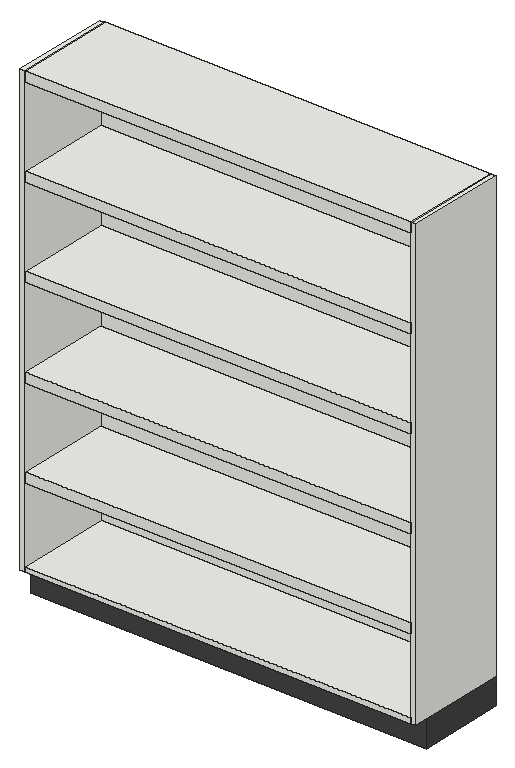
Revit family "Shelf - Book", category Specialty Equipment, Revit 2023
Family settings
  Round Connector Dimension = Use Diameter
  Part Type = Undefined
  Work Plane-Based = No
  Enable Cutting in Views = No
  Always vertical = Yes
  Cut with Voids When Loaded = No
  Maintain Annotation Orientation = No
  Shared = Yes
  Room Calculation Point = No
Parameters (values of type "15" x 72"")
  Default Elevation = 0' - 0"
  Assembly Code = "E1010510"
  Base Material = Finishes - Paint - Black
  Depth = 1' - 3"
  Material = Laminate - Ivory,Matte
  Height = 6' - 0"
  Length [instance] = 5' - 0"
Types (2): name | Assembly Code | Depth | Height | Length
  15" x 72" | "E1010510" | 1' - 3" | 6' - 0" | 5' - 0"
  400 x 1800mm | 0' - 0" | 1' - 3 3/4" | 5' - 10 111/128" | 4' - 11 7/128"
Reference planes (in)
  plane 1 "Center F/B": y = 0
  plane 2: z = 0
  plane 3 "Center L/R": x = 0
  plane 4: y = -15
  plane 5: x = 60
  plane 6: z = 72
  plane 7: z = 4
  plane 8: y = -0.75
  plane 9: y = -14.25
  plane 10: z = 58.4
  plane 11: z = 44.8
  plane 12: z = 31.2
  plane 13: z = 17.6
  plane 14: z = 4
  plane 15: z = 70.5
Forms (in)
  Extrusion 1, solid, material "Finishes - Paint - Black" <- "Base Material"
    sketch origin (0, 0, 0) x (1, 0, 0) y (0, 1, 0)
      loop
        line (0, 0) -> (0, -13) -> (60, -13) -> (60, 0) -> (0, 0)
    from 0 to 4
  Extrusion 2, solid, material "Laminate - Ivory,Matte" <- "Material"
    sketch origin (0, 0, 0) x (1, 0, 0) y (0, 1, 0)
      loop
        line (0, 0) -> (0, -15) -> (0.75, -15) -> (0.75, 0) -> (0, 0)
    from 4 to 72
  Extrusion 3, solid, material "Laminate - Ivory,Matte" <- "Material"
    sketch origin (0, 0, 0) x (1, 0, 0) y (0, 1, 0)
      loop
        line (60, 0) -> (59.25, 0) -> (59.25, -15) -> (60, -15) -> (60, 0)
    from 4 to 72
  Extrusion 4, solid, material "Laminate - Ivory,Matte" <- "Material"
    sketch origin (0, 0, 0) x (0, -1, 0) y (0, 0, 1)
      loop
        line (15, 4.75) -> (0.75, 4.75) -> (0.75, 16.85) -> (14.25, 16.85) -> (14.25, 16.1) -> (15, 16.1) -> (15, 17.6) -> (0.75, 17.6) -> (0.75, 30.45) -> (14.25, 30.45) -> (14.25, 29.7) -> (15, 29.7) -> (15, 31.2) -> (0.75, 31.2) -> (0.75, 44.05) -> (14.25, 44.05) -> (14.25, 43.3) -> (15, 43.3) -> (15, 44.8) -> (0.75, 44.8) -> (0.75, 57.65) -> (14.25, 57.65) -> (14.25, 56.9) -> (15, 56.9) -> (15, 58.4) -> (0.75, 58.4) -> (0.75, 71.25) -> (14.25, 71.25) -> (14.25, 70.5) -> (15, 70.5) -> (15, 72) -> (0, 72) -> (0, 4) -> (15, 4) -> (15, 4.75)
    from -59.25 to -0.75
Lines and regions (in)
  symbolic lines, style "SpecialityEquipment"
    curve 1: line (0, 0, 0) -> (60, 0, 0)
    curve 2: line (0, -15, 0) -> (0, 0, 0)
    curve 3: line (60, -15, 0) -> (0, -15, 0)
    curve 4: line (60, 0, 0) -> (60, -15, 0)
Dimensions and locks (in)
  "Length": plane 3 "Center L/R" to plane 5
  "Depth": plane 4 to plane 1 "Center F/B"
  "Height": plane 2 to plane 6
  locked: Extrusion 1 sketch curve to plane 4 at 2
  locked: plane 3 "Center L/R" to Extrusion 2 sketch curve at 0.75
  locked: Extrusion 3 sketch curve to plane 5 at 0.75
  locked: plane 7 to plane 2 at 4
  locked: plane 6 to Extrusion 4 sketch curve at 0.75
  locked: Extrusion 4 sketch curve to Extrusion 4 sketch curve at 0.75  (x5)
  locked: plane 1 "Center F/B" to plane 8 at 0.75
  locked: plane 9 to plane 4 at 0.75
  locked: Extrusion 4 sketch curve to plane 10 at 0.75
  locked: Extrusion 4 sketch curve to plane 11 at 0.75
  locked: Extrusion 4 sketch curve to plane 12 at 0.75
  locked: Extrusion 4 sketch curve to plane 13 at 0.75
  locked: Extrusion 4 sketch curve to plane 7 at 0.75
  equal spacing: plane 14, plane 13, plane 12, plane 11, plane 10, plane 6
  aligned and locked: plane 4 to curve 3
  aligned and locked: plane 5 to curve 4
  aligned and locked: curve 2 to Extrusion 1 sketch curve
  aligned and locked: Extrusion 1 sketch curve to curve 1
  aligned and locked: Extrusion 1 sketch curve to curve 4
  aligned and locked: Extrusion 2 sketch curve to Extrusion 1
  aligned and locked: Extrusion 2 sketch curve to curve 1
  aligned and locked: curve 3 to Extrusion 2 sketch curve
  aligned and locked: Extrusion 3 sketch curve to curve 4
  aligned and locked: Extrusion 3 sketch curve to curve 1
  aligned and locked: curve 3 to Extrusion 3 sketch curve
  aligned and locked: Extrusion 2 to plane 6  (x2)
  aligned and locked: Extrusion 3 to plane 6
  aligned and locked: plane 7 to Extrusion 1
  aligned and locked: Extrusion 2 to plane 7
  aligned and locked: Extrusion 3 to plane 7
  aligned and locked: plane 8 to Extrusion 4 sketch curve  (x5)
  aligned and locked: Extrusion 4 sketch curve to plane 9  (x5)
  aligned and locked: Extrusion 1 to plane 2
  aligned and locked: level to plane 2
  aligned and locked: Extrusion 4 to Extrusion 3
  aligned and locked: plane 14 to plane 7
Automatic sketch dimensions
  curve 3 to plane 3 "Center L/R" = 0' - 0"
  curve 4 to plane 1 "Center F/B" = 0' - 0"
  Extrusion 4 sketch curve to plane 1 "Center F/B" = 0' - 0"
  Extrusion 4 sketch curve to plane 4 = 0' - 0"  (x6)
  Extrusion 4 sketch curve to plane 7 = 0' - 0"
  Extrusion 4 sketch curve to plane 13 = 0' - 0"
  Extrusion 4 sketch curve to plane 12 = 0' - 0"
  Extrusion 4 sketch curve to plane 11 = 0' - 0"
  Extrusion 4 sketch curve to plane 10 = 0' - 0"
  Extrusion 4 sketch curve to plane 6 = 0' - 0"
